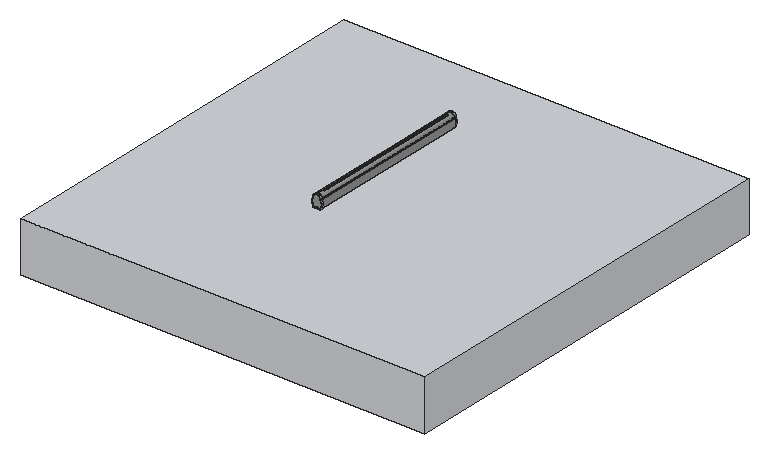
Revit family "L-trade II 45", category Осветительные приборы, Revit 2017 (continued)
Types (6, lengths in mm): name | Цветовая температура | Световой поток светильника | Кривая сил света | Wattage | built-in parameter 1150134 | Файл фотометрической сетки | built-in parameter 1150142 | built-in parameter 1150105 | Lumens | built-in parameter 1150107 | built-in parameter 1150106 | Manufacturer | Артикул
  L-trade II 45 5.0K К15 | 5000 K | 5017 lm | "К15" | 33.775 W | 2 | "L-trade II 45-22-K15-5.0-01.ies" | "IESNA:LM-63-1995\r\n[TEST]LEDEL\r\n[DATA]17.01.2017\r\n[MANUFAC]LEDEL\r\n[LUMCAT]L-trade II 45/44/К15/5.0/01\r\n[LUMINAIRE]Для освещения торговых залов, промышленных помещений, складов, магазинов, спортивных сооружений и т.д.  \r\n[LAMPCAT]LED\r\n[LAMP]OSRAM SQUARE\r\nTILT=NONE\r\n\r\n1 5017 0.775784 37 19 1 2 1.031 0.050 0.123\r\n\r\n1 1 44\r\n\r\n 0 2.5 5 7.5 10 12.5 15 17.5 20 22.5 25 27.5 30 32.5 35 37.5 40 42.5 45 47.5\r\n 50 52.5 55 57.5 60 62.5 65 67.5 70 72.5 75 77.5 80 82.5 85 87.5 90\r\n\r\n  0 5 10 15 20 25 30 35 40 45 50 55 60 65 70 75\r\n  80 85 90 \r\n\r\n  31577 30708 27040 21987 16469 11472 7577 4708 2995 2122 1611 1250 953 863 658\r\n  625 522 444 363 308 295 182 227 241 159 137 91 126 114 81\r\n  69 46 46 116 69 11 69\r\n  31509 30761 27290 22294 16742 11699 7759 4893 3108 2133 1611 1271 999 863 681\r\n  601 568 454 363 283 318 287 273 203 182 137 69 102 91 56\r\n  91 46 91 32 69 70 91\r\n  31509 30761 27290 22294 16742 11699 7759 4893 3108 2133 1611 1271 999 863 681\r\n  601 568 454 363 283 318 287 273 203 182 137 69 102 91 56\r\n  91 46 91 32 69 70 91\r\n  31509 30761 27290 22294 16742 11699 7759 4893 3108 2133 1611 1271 999 863 681\r\n  601 568 454 363 283 318 287 273 203 182 137 69 102 91 56\r\n  91 46 91 32 69 70 91\r\n  31509 30761 27290 22294 16742 11699 7759 4893 3108 2133 1611 1271 999 863 681\r\n  601 568 454 363 283 318 287 273 203 182 137 69 102 91 56\r\n  91 46 91 32 69 70 91\r\n  31509 30761 27290 22294 16742 11699 7759 4893 3108 2133 1611 1271 999 863 681\r\n  601 568 454 363 283 318 287 273 203 182 137 69 102 91 56\r\n  91 46 91 32 69 70 91\r\n  31509 30761 27290 22294 16742 11699 7759 4893 3108 2133 1611 1271 999 863 681\r\n  601 568 454 363 283 318 287 273 203 182 137 69 102 91 56\r\n  91 46 91 32 69 70 91\r\n  31509 30761 27290 22294 16742 11699 7759 4893 3108 2133 1611 1271 999 863 681\r\n  601 568 454 363 283 318 287 273 203 182 137 69 102 91 56\r\n  91 46 91 32 69 70 91\r\n  31509 30761 27290 22294 16742 11699 7759 4893 3108 2133 1611 1271 999 863 681\r\n  601 568 454 363 283 318 287 273 203 182 137 69 102 91 56\r\n  91 46 91 32 69 70 91\r\n  31509 30761 27290 22294 16742 11699 7759 4893 3108 2133 1611 1271 999 863 681\r\n  601 568 454 363 283 318 287 273 203 182 137 69 102 91 56\r\n  91 46 91 32 69 70 91\r\n  31509 30761 27290 22294 16742 11699 7759 4893 3108 2133 1611 1271 999 863 681\r\n  601 568 454 363 283 318 287 273 203 182 137 69 102 91 56\r\n  91 46 91 32 69 70 91\r\n  31509 30761 27290 22294 16742 11699 7759 4893 3108 2133 1611 1271 999 863 681\r\n  601 568 454 363 283 318 287 273 203 182 137 69 102 91 56\r\n  91 46 91 32 69 70 91\r\n  31509 30761 27290 22294 16742 11699 7759 4893 3108 2133 1611 1271 999 863 681\r\n  601 568 454 363 283 318 287 273 203 182 137 69 102 91 56\r\n  91 46 91 32 69 70 91\r\n  31509 30761 27290 22294 16742 11699 7759 4893 3108 2133 1611 1271 999 863 681\r\n  601 568 454 363 283 318 287 273 203 182 137 69 102 91 56\r\n  91 46 91 32 69 70 91\r\n  31509 30761 27290 22294 16742 11699 7759 4893 3108 2133 1611 1271 999 863 681\r\n  601 568 454 363 283 318 287 273 203 182 137 69 102 91 56\r\n  91 46 91 32 69 70 91\r\n  31509 30761 27290 22294 16742 11699 7759 4893 3108 2133 1611 1271 999 863 681\r\n  601 568 454 363 283 318 287 273 203 182 137 69 102 91 56\r\n  91 46 91 32 69 70 91\r\n  31509 30761 27290 22294 16742 11699 7759 4893 3108 2133 1611 1271 999 863 681\r\n  601 568 454 363 283 318 287 273 203 182 137 69 102 91 56\r\n  91 46 91 32 69 70 91\r\n  31509 30761 27290 22294 16742 11699 7759 4893 3108 2133 1611 1271 999 863 681\r\n  601 568 454 363 283 318 287 273 203 182 137 69 102 91 56\r\n  91 46 91 32 69 70 91\r\n  31509 30761 27290 22294 16742 11699 7759 4893 3108 2133 1611 1271 999 863 681\r\n  601 568 454 363 283 318 287 273 203 182 137 69 102 91 56\r\n  91 46 91 32 69 70 91\r\n  31509 29215 24772 19310 13883 9353 5921 3672 2382 1770 1384 1100 863 681 636\r\n  545 454 409 341 273 273 182 182 137 159 137 114 126 114 91\r\n  69 91 46 46 46 46 23\r\n  31509 29215 24772 19310 13883 9353 5921 3672 2382 1770 1384 1100 863 681 636\r\n  545 454 409 341 273 273 182 182 137 159 137 114 126 114 91\r\n  69 91 46 46 46 46 23\r\n  31509 29215 24772 19310 13883 9353 5921 3672 2382 1770 1384 1100 863 681 636\r\n  545 454 409 341 273 273 182 182 137 159 137 114 126 114 91\r\n  69 91 46 46 46 46 23\r\n  31509 29215 24772 19310 13883 9353 5921 3672 2382 1770 1384 1100 863 681 636\r\n  545 454 409 341 273 273 182 182 137 159 137 114 126 114 91\r\n  69 91 46 46 46 46 23\r\n  31509 29215 24772 19310 13883 9353 5921 3672 2382 1770 1384 1100 863 681 636\r\n  545 454 409 341 273 273 182 182 137 159 137 114 126 114 91\r\n  69 91 46 46 46 46 23\r\n  31509 29215 24772 19310 13883 9353 5921 3672 2382 1770 1384 1100 863 681 636\r\n  545 454 409 341 273 273 182 182 137 159 137 114 126 114 91\r\n  69 91 46 46 46 46 23\r\n  31509 29215 24772 19310 13883 9353 5921 3672 2382 1770 1384 1100 863 681 636\r\n  545 454 409 341 273 273 182 182 137 159 137 114 126 114 91\r\n  69 91 46 46 46 46 23\r\n  31509 29215 24772 19310 13883 9353 5921 3672 2382 1770 1384 1100 863 681 636\r\n  545 454 409 341 273 273 182 182 137 159 137 114 126 114 91\r\n  69 91 46 46 46 46 23\r\n  31509 29215 24772 19310 13883 9353 5921 3672 2382 1770 1384 1100 863 681 636\r\n  545 454 409 341 273 273 182 182 137 159 137 114 126 114 91\r\n  69 91 46 46 46 46 23\r\n  31509 29215 24772 19310 13883 9353 5921 3672 2382 1770 1384 1100 863 681 636\r\n  545 454 409 341 273 273 182 182 137 159 137 114 126 114 91\r\n  69 91 46 46 46 46 23\r\n  31509 29215 24772 19310 13883 9353 5921 3672 2382 1770 1384 1100 863 681 636\r\n  545 454 409 341 273 273 182 182 137 159 137 114 126 114 91\r\n  69 91 46 46 46 46 23\r\n  31509 29215 24772 19310 13883 9353 5921 3672 2382 1770 1384 1100 863 681 636\r\n  545 454 409 341 273 273 182 182 137 159 137 114 126 114 91\r\n  69 91 46 46 46 46 23\r\n  31509 29215 24772 19310 13883 9353 5921 3672 2382 1770 1384 1100 863 681 636\r\n  545 454 409 341 273 273 182 182 137 159 137 114 126 114 91\r\n  69 91 46 46 46 46 23\r\n  31509 29215 24772 19310 13883 9353 5921 3672 2382 1770 1384 1100 863 681 636\r\n  545 454 409 341 273 273 182 182 137 159 137 114 126 114 91\r\n  69 91 46 46 46 46 23\r\n  31509 29215 24772 19310 13883 9353 5921 3672 2382 1770 1384 1100 863 681 636\r\n  545 454 409 341 273 273 182 182 137 159 137 114 126 114 91\r\n  69 91 46 46 46 46 23\r\n  31509 29215 24772 19310 13883 9353 5921 3672 2382 1770 1384 1100 863 681 636\r\n  545 454 409 341 273 273 182 182 137 159 137 114 126 114 91\r\n  69 91 46 46 46 46 23\r\n  31509 29215 24772 19310 13883 9353 5921 3672 2382 1770 1384 1100 863 681 636\r\n  545 454 409 341 273 273 182 182 137 159 137 114 126 114 91\r\n  69 91 46 46 46 46 23\r\n  31577 29407 25044 19617 14156 9570 6057 3832 2450 1780 1384 1124 863 681 636\r\n  545 454 409 341 283 295 203 227 137 137 137 114 91 91 91\r\n  69 91 23 35 46 46 46\r\n\r" | 399.24 (stored number, unit not read) | 5017 lm | 5000 (stored number, unit not read) | 3.9924 (stored number, unit not read) | "LEDEL" | "210027"
  L-trade II 45 4.0K Г30 | 4000 K | 5032 lm | "Г30" | 33.8759 W | 12 | "L-trade II 45-22-G30-4.0-01.ies" | "IESNA:LM-63-1995\r\n[TEST]LEDEL\r\n[DATA]17.01.2017\r\n[MANUFAC]LEDEL\r\n[LUMCAT]L-Trade II 45/44/Г30/4.0/01\r\n[LUMINAIRE]Для освещения торговых залов, промышленных помещений, складов, магазинов, спортивных сооружений и т.д.  \r\n[LAMPCAT]LED\r\n[LAMP]OSRAM SQUARE\r\nTILT=NONE\r\n\r\n1 5032 0.832148 37 19 1 2 1.031 0.050 0.123\r\n\r\n1 1 44\r\n\r\n\r\n 0 2.5 5 7.5 10 12.5 15 17.5 20 22.5 25 27.5 30 32.5 35 37.5 40 42.5 45 47.5\r\n 50 52.5 55 57.5 60 62.5 65 67.5 70 72.5 75 77.5 80 82.5 85 87.5 90\r\n\r\n  0 5 10 15 20 25 30 35 40 45 50 55 60 65 70 75\r\n  80 85 90\r\n\r\n  13407 13223 12454 11253 9778 8270 6829 5515 4416 3502 2776 2195 1717 1373 1112\r\n  889 734 605 515 439 379 318 295 269 242 197 182 152 137 121\r\n  106 103 61 61 46 46 53\r\n  13392 13245 12515 11325 9861 8346 6897 5582 4462 3544 2813 2208 1732 1377 1112\r\n  893 726 617 515 451 386 341 295 273 227 220 190 152 137 121\r\n  99 95 76 49 46 34 53\r\n  13392 13245 12515 11325 9861 8346 6897 5582 4462 3544 2813 2208 1732 1377 1112\r\n  893 726 617 515 451 386 341 295 273 227 220 190 152 137 121\r\n  99 95 76 49 46 34 53\r\n  13392 13245 12515 11325 9861 8346 6897 5582 4462 3544 2813 2208 1732 1377 1112\r\n  893 726 617 515 451 386 341 295 273 227 220 190 152 137 121\r\n  99 95 76 49 46 34 53\r\n  13392 13245 12515 11325 9861 8346 6897 5582 4462 3544 2813 2208 1732 1377 1112\r\n  893 726 617 515 451 386 341 295 273 227 220 190 152 137 121\r\n  99 95 76 49 46 34 53\r\n  13392 13245 12515 11325 9861 8346 6897 5582 4462 3544 2813 2208 1732 1377 1112\r\n  893 726 617 515 451 386 341 295 273 227 220 190 152 137 121\r\n  99 95 76 49 46 34 53\r\n  13392 13245 12515 11325 9861 8346 6897 5582 4462 3544 2813 2208 1732 1377 1112\r\n  893 726 617 515 451 386 341 295 273 227 220 190 152 137 121\r\n  99 95 76 49 46 34 53\r\n  13392 13245 12515 11325 9861 8346 6897 5582 4462 3544 2813 2208 1732 1377 1112\r\n  893 726 617 515 451 386 341 295 273 227 220 190 152 137 121\r\n  99 95 76 49 46 34 53\r\n  13392 13245 12515 11325 9861 8346 6897 5582 4462 3544 2813 2208 1732 1377 1112\r\n  893 726 617 515 451 386 341 295 273 227 220 190 152 137 121\r\n  99 95 76 49 46 34 53\r\n  13392 13245 12515 11325 9861 8346 6897 5582 4462 3544 2813 2208 1732 1377 1112\r\n  893 726 617 515 451 386 341 295 273 227 220 190 152 137 121\r\n  99 95 76 49 46 34 53\r\n  13392 13245 12515 11325 9861 8346 6897 5582 4462 3544 2813 2208 1732 1377 1112\r\n  893 726 617 515 451 386 341 295 273 227 220 190 152 137 121\r\n  99 95 76 49 46 34 53\r\n  13392 13245 12515 11325 9861 8346 6897 5582 4462 3544 2813 2208 1732 1377 1112\r\n  893 726 617 515 451 386 341 295 273 227 220 190 152 137 121\r\n  99 95 76 49 46 34 53\r\n  13392 13245 12515 11325 9861 8346 6897 5582 4462 3544 2813 2208 1732 1377 1112\r\n  893 726 617 515 451 386 341 295 273 227 220 190 152 137 121\r\n  99 95 76 49 46 34 53\r\n  13392 13245 12515 11325 9861 8346 6897 5582 4462 3544 2813 2208 1732 1377 1112\r\n  893 726 617 515 451 386 341 295 273 227 220 190 152 137 121\r\n  99 95 76 49 46 34 53\r\n  13392 13245 12515 11325 9861 8346 6897 5582 4462 3544 2813 2208 1732 1377 1112\r\n  893 726 617 515 451 386 341 295 273 227 220 190 152 137 121\r\n  99 95 76 49 46 34 53\r\n  13392 13245 12515 11325 9861 8346 6897 5582 4462 3544 2813 2208 1732 1377 1112\r\n  893 726 617 515 451 386 341 295 273 227 220 190 152 137 121\r\n  99 95 76 49 46 34 53\r\n  13392 13245 12515 11325 9861 8346 6897 5582 4462 3544 2813 2208 1732 1377 1112\r\n  893 726 617 515 451 386 341 295 273 227 220 190 152 137 121\r\n  99 95 76 49 46 34 53\r\n  13392 13245 12515 11325 9861 8346 6897 5582 4462 3544 2813 2208 1732 1377 1112\r\n  893 726 617 515 451 386 341 295 273 227 220 190 152 137 121\r\n  99 95 76 49 46 34 53\r\n  13392 13245 12515 11325 9861 8346 6897 5582 4462 3544 2813 2208 1732 1377 1112\r\n  893 726 617 515 451 386 341 295 273 227 220 190 152 137 121\r\n  99 95 76 49 46 34 53\r\n  13392 12956 12038 10755 9324 7870 6519 5292 4250 3360 2692 2125 1679 1327 1067\r\n  878 704 594 515 427 371 325 288 234 205 182 152 137 114 91\r\n  61 46 46 31 23 16 31\r\n  13392 12956 12038 10755 9324 7870 6519 5292 4250 3360 2692 2125 1679 1327 1067\r\n  878 704 594 515 427 371 325 288 234 205 182 152 137 114 91\r\n  61 46 46 31 23 16 31\r\n  13392 12956 12038 10755 9324 7870 6519 5292 4250 3360 2692 2125 1679 1327 1067\r\n  878 704 594 515 427 371 325 288 234 205 182 152 137 114 91\r\n  61 46 46 31 23 16 31\r\n  13392 12956 12038 10755 9324 7870 6519 5292 4250 3360 2692 2125 1679 1327 1067\r\n  878 704 594 515 427 371 325 288 234 205 182 152 137 114 91\r\n  61 46 46 31 23 16 31\r\n  13392 12956 12038 10755 9324 7870 6519 5292 4250 3360 2692 2125 1679 1327 1067\r\n  878 704 594 515 427 371 325 288 234 205 182 152 137 114 91\r\n  61 46 46 31 23 16 31\r\n  13392 12956 12038 10755 9324 7870 6519 5292 4250 3360 2692 2125 1679 1327 1067\r\n  878 704 594 515 427 371 325 288 234 205 182 152 137 114 91\r\n  61 46 46 31 23 16 31\r\n  13392 12956 12038 10755 9324 7870 6519 5292 4250 3360 2692 2125 1679 1327 1067\r\n  878 704 594 515 427 371 325 288 234 205 182 152 137 114 91\r\n  61 46 46 31 23 16 31\r\n  13392 12956 12038 10755 9324 7870 6519 5292 4250 3360 2692 2125 1679 1327 1067\r\n  878 704 594 515 427 371 325 288 234 205 182 152 137 114 91\r\n  61 46 46 31 23 16 31\r\n  13392 12956 12038 10755 9324 7870 6519 5292 4250 3360 2692 2125 1679 1327 1067\r\n  878 704 594 515 427 371 325 288 234 205 182 152 137 114 91\r\n  61 46 46 31 23 16 31\r\n  13392 12956 12038 10755 9324 7870 6519 5292 4250 3360 2692 2125 1679 1327 1067\r\n  878 704 594 515 427 371 325 288 234 205 182 152 137 114 91\r\n  61 46 46 31 23 16 31\r\n  13392 12956 12038 10755 9324 7870 6519 5292 4250 3360 2692 2125 1679 1327 1067\r\n  878 704 594 515 427 371 325 288 234 205 182 152 137 114 91\r\n  61 46 46 31 23 16 31\r\n  13392 12956 12038 10755 9324 7870 6519 5292 4250 3360 2692 2125 1679 1327 1067\r\n  878 704 594 515 427 371 325 288 234 205 182 152 137 114 91\r\n  61 46 46 31 23 16 31\r\n  13392 12956 12038 10755 9324 7870 6519 5292 4250 3360 2692 2125 1679 1327 1067\r\n  878 704 594 515 427 371 325 288 234 205 182 152 137 114 91\r\n  61 46 46 31 23 16 31\r\n  13392 12956 12038 10755 9324 7870 6519 5292 4250 3360 2692 2125 1679 1327 1067\r\n  878 704 594 515 427 371 325 288 234 205 182 152 137 114 91\r\n  61 46 46 31 23 16 31\r\n  13392 12956 12038 10755 9324 7870 6519 5292 4250 3360 2692 2125 1679 1327 1067\r\n  878 704 594 515 427 371 325 288 234 205 182 152 137 114 91\r\n  61 46 46 31 23 16 31\r\n  13392 12956 12038 10755 9324 7870 6519 5292 4250 3360 2692 2125 1679 1327 1067\r\n  878 704 594 515 427 371 325 288 234 205 182 152 137 114 91\r\n  61 46 46 31 23 16 31\r\n  13392 12956 12038 10755 9324 7870 6519 5292 4250 3360 2692 2125 1679 1327 1067\r\n  878 704 594 515 427 371 325 288 234 205 182 152 137 114 91\r\n  61 46 46 31 23 16 31\r\n  13407 12998 12091 10831 9415 7958 6587 5353 4288 3432 2723 2158 1709 1365 1074\r\n  881 711 605 515 436 379 338 273 258 205 182 152 137 106 91\r\n  61 49 53 31 23 19 23\r\n\r\n" | 400.43 (stored number, unit not read) | 5032 lm | 4000 (stored number, unit not read) | 4.0043 (stored number, unit not read) | "" | "322104404741300"
  L-trade II 45 5.0K Г30 | 5000 K | 5032 lm | "Г30" | 33.8759 W | 2 | "L-trade II 45-22-G30-5.0-01.ies" | "IESNA:LM-63-1995\r\n[TEST]LEDEL\r\n[DATA]17.01.2017\r\n[MANUFAC]LEDEL\r\n[LUMCAT]L-Trade II 45/44/Г30/5.0/01\r\n[LUMINAIRE]Для освещения торговых залов, промышленных помещений, складов, магазинов, спортивных сооружений и т.д.  \r\n[LAMPCAT]LED\r\n[LAMP]OSRAM SQUARE\r\nTILT=NONE\r\n\r\n1 5032 0.832148 37 19 1 2 1.031 0.050 0.123\r\n\r\n1 1 44\r\n\r\n\r\n 0 2.5 5 7.5 10 12.5 15 17.5 20 22.5 25 27.5 30 32.5 35 37.5 40 42.5 45 47.5\r\n 50 52.5 55 57.5 60 62.5 65 67.5 70 72.5 75 77.5 80 82.5 85 87.5 90\r\n\r\n  0 5 10 15 20 25 30 35 40 45 50 55 60 65 70 75\r\n  80 85 90\r\n\r\n  13407 13223 12454 11253 9778 8270 6829 5515 4416 3502 2776 2195 1717 1373 1112\r\n  889 734 605 515 439 379 318 295 269 242 197 182 152 137 121\r\n  106 103 61 61 46 46 53\r\n  13392 13245 12515 11325 9861 8346 6897 5582 4462 3544 2813 2208 1732 1377 1112\r\n  893 726 617 515 451 386 341 295 273 227 220 190 152 137 121\r\n  99 95 76 49 46 34 53\r\n  13392 13245 12515 11325 9861 8346 6897 5582 4462 3544 2813 2208 1732 1377 1112\r\n  893 726 617 515 451 386 341 295 273 227 220 190 152 137 121\r\n  99 95 76 49 46 34 53\r\n  13392 13245 12515 11325 9861 8346 6897 5582 4462 3544 2813 2208 1732 1377 1112\r\n  893 726 617 515 451 386 341 295 273 227 220 190 152 137 121\r\n  99 95 76 49 46 34 53\r\n  13392 13245 12515 11325 9861 8346 6897 5582 4462 3544 2813 2208 1732 1377 1112\r\n  893 726 617 515 451 386 341 295 273 227 220 190 152 137 121\r\n  99 95 76 49 46 34 53\r\n  13392 13245 12515 11325 9861 8346 6897 5582 4462 3544 2813 2208 1732 1377 1112\r\n  893 726 617 515 451 386 341 295 273 227 220 190 152 137 121\r\n  99 95 76 49 46 34 53\r\n  13392 13245 12515 11325 9861 8346 6897 5582 4462 3544 2813 2208 1732 1377 1112\r\n  893 726 617 515 451 386 341 295 273 227 220 190 152 137 121\r\n  99 95 76 49 46 34 53\r\n  13392 13245 12515 11325 9861 8346 6897 5582 4462 3544 2813 2208 1732 1377 1112\r\n  893 726 617 515 451 386 341 295 273 227 220 190 152 137 121\r\n  99 95 76 49 46 34 53\r\n  13392 13245 12515 11325 9861 8346 6897 5582 4462 3544 2813 2208 1732 1377 1112\r\n  893 726 617 515 451 386 341 295 273 227 220 190 152 137 121\r\n  99 95 76 49 46 34 53\r\n  13392 13245 12515 11325 9861 8346 6897 5582 4462 3544 2813 2208 1732 1377 1112\r\n  893 726 617 515 451 386 341 295 273 227 220 190 152 137 121\r\n  99 95 76 49 46 34 53\r\n  13392 13245 12515 11325 9861 8346 6897 5582 4462 3544 2813 2208 1732 1377 1112\r\n  893 726 617 515 451 386 341 295 273 227 220 190 152 137 121\r\n  99 95 76 49 46 34 53\r\n  13392 13245 12515 11325 9861 8346 6897 5582 4462 3544 2813 2208 1732 1377 1112\r\n  893 726 617 515 451 386 341 295 273 227 220 190 152 137 121\r\n  99 95 76 49 46 34 53\r\n  13392 13245 12515 11325 9861 8346 6897 5582 4462 3544 2813 2208 1732 1377 1112\r\n  893 726 617 515 451 386 341 295 273 227 220 190 152 137 121\r\n  99 95 76 49 46 34 53\r\n  13392 13245 12515 11325 9861 8346 6897 5582 4462 3544 2813 2208 1732 1377 1112\r\n  893 726 617 515 451 386 341 295 273 227 220 190 152 137 121\r\n  99 95 76 49 46 34 53\r\n  13392 13245 12515 11325 9861 8346 6897 5582 4462 3544 2813 2208 1732 1377 1112\r\n  893 726 617 515 451 386 341 295 273 227 220 190 152 137 121\r\n  99 95 76 49 46 34 53\r\n  13392 13245 12515 11325 9861 8346 6897 5582 4462 3544 2813 2208 1732 1377 1112\r\n  893 726 617 515 451 386 341 295 273 227 220 190 152 137 121\r\n  99 95 76 49 46 34 53\r\n  13392 13245 12515 11325 9861 8346 6897 5582 4462 3544 2813 2208 1732 1377 1112\r\n  893 726 617 515 451 386 341 295 273 227 220 190 152 137 121\r\n  99 95 76 49 46 34 53\r\n  13392 13245 12515 11325 9861 8346 6897 5582 4462 3544 2813 2208 1732 1377 1112\r\n  893 726 617 515 451 386 341 295 273 227 220 190 152 137 121\r\n  99 95 76 49 46 34 53\r\n  13392 13245 12515 11325 9861 8346 6897 5582 4462 3544 2813 2208 1732 1377 1112\r\n  893 726 617 515 451 386 341 295 273 227 220 190 152 137 121\r\n  99 95 76 49 46 34 53\r\n  13392 12956 12038 10755 9324 7870 6519 5292 4250 3360 2692 2125 1679 1327 1067\r\n  878 704 594 515 427 371 325 288 234 205 182 152 137 114 91\r\n  61 46 46 31 23 16 31\r\n  13392 12956 12038 10755 9324 7870 6519 5292 4250 3360 2692 2125 1679 1327 1067\r\n  878 704 594 515 427 371 325 288 234 205 182 152 137 114 91\r\n  61 46 46 31 23 16 31\r\n  13392 12956 12038 10755 9324 7870 6519 5292 4250 3360 2692 2125 1679 1327 1067\r\n  878 704 594 515 427 371 325 288 234 205 182 152 137 114 91\r\n  61 46 46 31 23 16 31\r\n  13392 12956 12038 10755 9324 7870 6519 5292 4250 3360 2692 2125 1679 1327 1067\r\n  878 704 594 515 427 371 325 288 234 205 182 152 137 114 91\r\n  61 46 46 31 23 16 31\r\n  13392 12956 12038 10755 9324 7870 6519 5292 4250 3360 2692 2125 1679 1327 1067\r\n  878 704 594 515 427 371 325 288 234 205 182 152 137 114 91\r\n  61 46 46 31 23 16 31\r\n  13392 12956 12038 10755 9324 7870 6519 5292 4250 3360 2692 2125 1679 1327 1067\r\n  878 704 594 515 427 371 325 288 234 205 182 152 137 114 91\r\n  61 46 46 31 23 16 31\r\n  13392 12956 12038 10755 9324 7870 6519 5292 4250 3360 2692 2125 1679 1327 1067\r\n  878 704 594 515 427 371 325 288 234 205 182 152 137 114 91\r\n  61 46 46 31 23 16 31\r\n  13392 12956 12038 10755 9324 7870 6519 5292 4250 3360 2692 2125 1679 1327 1067\r\n  878 704 594 515 427 371 325 288 234 205 182 152 137 114 91\r\n  61 46 46 31 23 16 31\r\n  13392 12956 12038 10755 9324 7870 6519 5292 4250 3360 2692 2125 1679 1327 1067\r\n  878 704 594 515 427 371 325 288 234 205 182 152 137 114 91\r\n  61 46 46 31 23 16 31\r\n  13392 12956 12038 10755 9324 7870 6519 5292 4250 3360 2692 2125 1679 1327 1067\r\n  878 704 594 515 427 371 325 288 234 205 182 152 137 114 91\r\n  61 46 46 31 23 16 31\r\n  13392 12956 12038 10755 9324 7870 6519 5292 4250 3360 2692 2125 1679 1327 1067\r\n  878 704 594 515 427 371 325 288 234 205 182 152 137 114 91\r\n  61 46 46 31 23 16 31\r\n  13392 12956 12038 10755 9324 7870 6519 5292 4250 3360 2692 2125 1679 1327 1067\r\n  878 704 594 515 427 371 325 288 234 205 182 152 137 114 91\r\n  61 46 46 31 23 16 31\r\n  13392 12956 12038 10755 9324 7870 6519 5292 4250 3360 2692 2125 1679 1327 1067\r\n  878 704 594 515 427 371 325 288 234 205 182 152 137 114 91\r\n  61 46 46 31 23 16 31\r\n  13392 12956 12038 10755 9324 7870 6519 5292 4250 3360 2692 2125 1679 1327 1067\r\n  878 704 594 515 427 371 325 288 234 205 182 152 137 114 91\r\n  61 46 46 31 23 16 31\r\n  13392 12956 12038 10755 9324 7870 6519 5292 4250 3360 2692 2125 1679 1327 1067\r\n  878 704 594 515 427 371 325 288 234 205 182 152 137 114 91\r\n  61 46 46 31 23 16 31\r\n  13392 12956 12038 10755 9324 7870 6519 5292 4250 3360 2692 2125 1679 1327 1067\r\n  878 704 594 515 427 371 325 288 234 205 182 152 137 114 91\r\n  61 46 46 31 23 16 31\r\n  13392 12956 12038 10755 9324 7870 6519 5292 4250 3360 2692 2125 1679 1327 1067\r\n  878 704 594 515 427 371 325 288 234 205 182 152 137 114 91\r\n  61 46 46 31 23 16 31\r\n  13407 12998 12091 10831 9415 7958 6587 5353 4288 3432 2723 2158 1709 1365 1074\r\n  881 711 605 515 436 379 338 273 258 205 182 152 137 106 91\r\n  61 49 53 31 23 19 23\r\n\r\n" | 400.43 (stored number, unit not read) | 5032 lm | 5000 (stored number, unit not read) | 4.0043 (stored number, unit not read) | "" | "210029"
